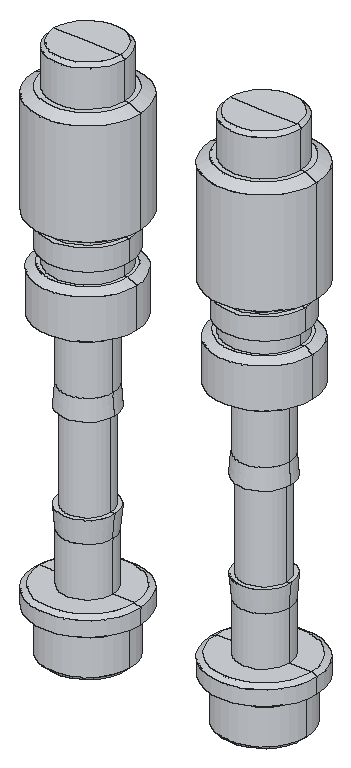
Revit family "PRD_FrankeWS_ShwrFttngsPckg_InstallationSet_ZSHOW0012", category Specialty Equipment, Revit 2018
Family settings
  Round Connector Dimension = Use Diameter
  Part Type = Normal
  OmniClass Number = 23.45.55.11
  OmniClass Title = Sanitary Components
  Work Plane-Based = No
  Always vertical = Yes
  Cut with Voids When Loaded = Yes
  Shared = No
  Room Calculation Point = No
Parameters (values of type "ZSHOW0012")
  WarrantyStartDate [instance] = "1900-12-31T23:59:59"
  WarrantyGuarantorParts = "n/a"
  WarrantyGuarantorLabor = "n/a"
  WarrantyDurationUnit = "year"
  WarrantyDurationParts = "n/a"
  WarrantyDurationLabor = "n/a"
  WarrantyDescription = "n/a"
  Version = "1"
  Uniclass2015Version = "Products v1.23"
  Uniclass2015Title = "Shower fittings package"
  Uniclass2015Code = "Pr_40_20_87_75"
  URL = "www.kwc.com"
  TypeOfShowerPipe = "n/a"
  TypeOfConnection = "n/a"
  Type = "n/a"
  TailorMade = "No"
  TagNumber [instance] = "n/a"
  SustainabilityPerformance = "n/a"
  Status = "New"
  Size = "n/a"
  Shape = "n/a"
  SerialNumber [instance] = "n/a"
  Revision = "n/a"
  ReplacementCost = "n/a"
  Reference = "n/a"
  QuantityUom = "Pieces"
  Quantity = "2"
  ProductInformation = "https://pim.kwc.com/product/2000110906/attachment/datasheet?locale=en"
  ProductCode = "210.0636.663"
  NominalWidth = 0 mm
  NominalLength = 0 mm
  NominalHeight = 0 mm
  NominalDepth = 0 mm
  NetWeight = 0.20 kg
  Name = "Installation set ZSHOW0012"
  NBSTypeID = "n/a"
  NBSReference = "45-35-70/330"
  NBSOfficeMasterTag = "n/a"
  NBSNote = "n/a"
  NBSDescription = "Shower fittings package"
  NBSCertification = "n/a"
  ModelReference = "ZSHOW0012"
  ModelNumber = "2000110906"
  Model = ModelReference  # "ZSHOW0012"
  Material = "n/a"
  ManufacturerURL = "www.kwc.com"
  ManufacturerName = "KWC Group AG"  # constant formula
  Manufacturer = ManufacturerName  # "KWC Group AG"
  IntegralAccessories = "n/a"
  InstallationDate [instance] = "1900-12-31T23:59:59"
  InletSize = "n/a"
  IfcExportType = "USERDEFINED"
  IfcExportAs = "IfcSanitaryTerminalType"
  GrossWeight = 0.30 kg
  Grade = "n/a"
  Finish = "n/a"
  Features = "n/a"
  ExpectedLife = "n/a"
  DurationUnit = "year"
  Description = "Installation set for water from the ceiling. Consisting of lockable water quantity regulators and hose adapter for connection G3/4 to G1/2B."
  CreatedOn = "05/2022"  # constant formula
  Constituents = "n/a"
  Color = "n/a"
  CodePerformance = "n/a"
  Category = "Pr_40_20_87_75, Shower fittings package"
  BodyMaterial = none
  BarCode [instance] = "n/a"
  BIMObjectName = "PRD_AR_ShowerFittingsPackage_InstallationSet_ZSHOW0012"
  Author = "Archispace"  # constant formula
  AssetType = "Fixed"
  AssetIdentifier [instance] = "n/a"
  AccessibilityPerformance = "n/a"
Reference planes
  plane 1 "Center (Front/Back)": y = 0
  plane 2: z = 0
  plane 3 "Center (Left/Right)": x = 0
Forms (mm)
  Revolve 1, solid, detail levels fine
    sketch origin (0, 0, 0) x (1, 0, 0) y (0, 0, 1)
      loop
        line (-25, 155.9) -> (-34.477, 155.9) -> (-35.478, 154.9) -> (-35.478, 144.5) -> (-37, 144.5) -> (-40, 142.768) -> (-40, 113.232) -> (-37, 111.5) -> (-35.477, 111.5) -> (-35.477, 110) -> (-36.906, 110) -> (-36.906, 104) -> (-35.478, 104) -> (-35.478, 100) -> (-36.5, 100) -> (-38.854, 98.641) -> (-38.854, 87.359) -> (-36.5, 86) -> (-32.25, 86) -> (-32.25, 69.259) -> (-32.754, 63.5) -> (-31.5, 63.5) -> (-31.5, 38.5) -> (-32.754, 38.5) -> (-32.196, 32.126) -> (-32.196, 18) -> (-38.5, 18) -> (-40, 17.134) -> (-40, 12.866) -> (-38.5, 12) -> (-37.058, 12) -> (-37.059, 1) -> (-36.059, 0) -> (-25, 0) -> (-25, 155.9)
      axis (-25, 155.9) -> (-25, 0)
    angle from 0 to 360
  Revolve 2, solid, detail levels fine
    sketch origin (0, 0, 0) x (-1, 0, 0) y (0, 0, 1)
      loop
        line (-25, 155.9) -> (-34.477, 155.9) -> (-35.478, 154.9) -> (-35.478, 144.5) -> (-37, 144.5) -> (-40, 142.768) -> (-40, 113.232) -> (-37, 111.5) -> (-35.478, 111.5) -> (-35.478, 110) -> (-36.906, 110) -> (-36.906, 104) -> (-35.478, 104) -> (-35.478, 100) -> (-36.5, 100) -> (-38.854, 98.641) -> (-38.854, 87.359) -> (-36.5, 86) -> (-32.25, 86) -> (-32.25, 69.259) -> (-32.754, 63.5) -> (-31.5, 63.5) -> (-31.5, 38.5) -> (-32.754, 38.5) -> (-32.196, 32.126) -> (-32.196, 18) -> (-38.5, 18) -> (-40, 17.134) -> (-40, 12.866) -> (-38.5, 12) -> (-37.058, 12) -> (-37.059, 1) -> (-36.059, 0) -> (-25, 0) -> (-25, 155.9)
      axis (-25, 155.9) -> (-25, 0)
    angle from 0 to 360
  Revolve 3, solid, detail levels coarse+medium
    sketch origin (0, 0, 0) x (1, 0, 0) y (0, 0, 1)
      loop
        line (-25, 155.9) -> (-40, 155.9) -> (-40, 0) -> (-25, 0) -> (-25, 155.9)
      axis (-25, 155.9) -> (-25, 0)
    angle from 0 to 360
  Revolve 4, solid, detail levels coarse+medium
    sketch origin (0, 0, 0) x (-1, 0, 0) y (0, 0, 1)
      loop
        line (-25, 155.9) -> (-40, 155.9) -> (-40, 0) -> (-25, 0) -> (-25, 155.9)
      axis (-25, 155.9) -> (-25, 0)
    angle from 0 to 360
Dimensions and locks
  aligned and locked: level to plane 2
